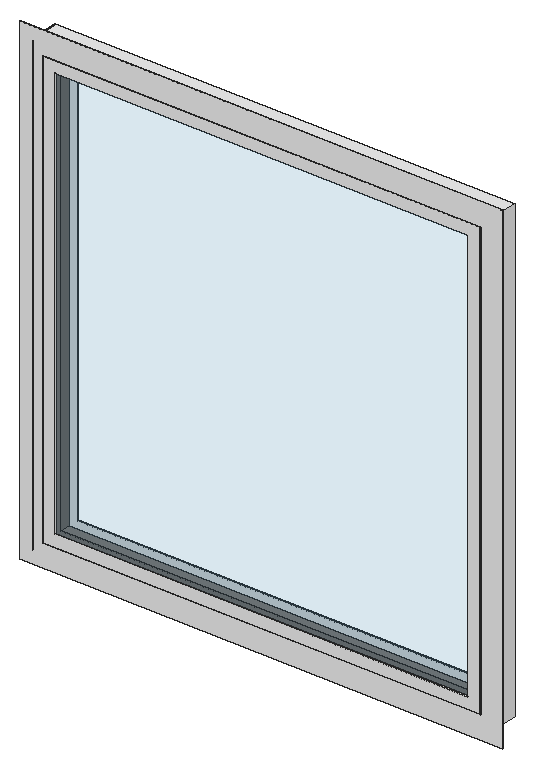
Revit family "Casement_36_D_Top_Hung_Standard", category Windows, host Wall, Revit 2014
Parameters (values of type "Casement_Sash_DG")
  Width Sash [instance] = 30 mm
  Width Sash Inner = 15 mm
  Width Bead = 15 mm
  Top Hung [instance] = yes
  Side Hung Right [instance] = yes
  Side Hung Left [instance] = yes
  Sash Opening Width [instance] = 600 mm
  Sash Opening Height [instance] = 600.312 mm
  Sash Lip = 15 mm
  Glazing Material [instance] = Glass
  DG Start Piece 2 [instance] = DG End Piece 1 + DG Gasket Thickness  # 25 mm
  DG Start Peice 1 [instance] = (Depth Sash - (2 * DG Glazing Thickness) - DG Gasket Thickness) / 2  # 6.6 mm
  Glazing Offset = 5 mm
  DG Glazing Thickness [instance] = 6.4 mm
  DG Gasket Thickness = 12 mm  # constant formula
  DG Gasket Material [instance] = Double Glazing Gasket Material
  DG End Piece 2 [instance] = DG Start Piece 2 + DG Glazing Thickness  # 31.4 mm
  DG End Piece 1 [instance] = DG Start Peice 1 + DG Glazing Thickness  # 13 mm
  Depth Sash [instance] = 38 mm
  Center Vertical Sash [instance] = Sash Opening Height / 2  # 300.156 mm
  Center Horizontal Sash [instance] = Sash Opening Width / 2  # 300 mm
  Bottom Hung [instance] = yes
  Bead Offset = 15 mm
  Aluminium Thickness = 1 mm
  Aluminium Material [instance] = White Powder Coated Aluminium
Reference planes
  plane 1 "Center (Front/Back)": y = 0
  plane 2: z = 0
  plane 3 "Center (Left/Right)": x = 0
Forms (mm)
  Sweep 1, solid, material "White Powder Coated Aluminium" <- "Aluminium Material"
    path origin (16.177, 0, 121.331) x (1, 0, 0) y (0, 0, 1)
      loop
        line (0, 0) -> (600, 0) -> (600, 600.312) -> (0, 600.312) -> (0, 0)
    profile origin (316.177, 0, 121.331) x (0, 0, 1) y (0, -1, 0)
      loop
        line (0, 0) -> (30, 0) -> (30, 1) -> (15, 1) -> (15, 38) -> (-15, 38) -> (-15, 37) -> (0, 37) -> (0, 0)
      loop
        line (14, 1) -> (14, 37) -> (1, 37) -> (1, 1) -> (14, 1)
  Sweep 2, solid, material "White Powder Coated Aluminium" <- "Aluminium Material"
    path origin (0, 0, 0) x (1, 0, 0) y (0, 0, 1)
      loop
        line (31.177, 706.643) -> (31.177, 136.331) -> (601.177, 136.331) -> (601.177, 706.643) -> (31.177, 706.643)
    profile origin (316.177, 0, 706.643) x (0, 0, 1) y (0, -1, 0)
      loop
        line (0, 37) -> (0, 38) -> (-15, 38) -> (-15, 37) -> (0, 37)
  Extrusion 3, solid, material "Glass" <- "Glazing Material"
    sketch origin (0, 0, 0) x (1, 0, 0) y (0, 0, 1)
      loop
        line (36.177, 701.643) -> (36.177, 141.331) -> (596.177, 141.331) -> (596.177, 701.643) -> (36.177, 701.643)
    from 6.6 <- "DG Start Peice 1" to 13 <- "DG End Piece 1"
  Extrusion 4, solid, material "Glass" <- "Glazing Material"
    sketch origin (0, 0, 0) x (1, 0, 0) y (0, 0, 1)
      loop
        line (36.177, 701.643) -> (36.177, 141.331) -> (596.177, 141.331) -> (596.177, 701.643) -> (36.177, 701.643)
    from 31.4 <- "DG End Piece 2" to 25 <- "DG Start Piece 2"
  Sweep 5, solid, material "Double Glazing Gasket Material" <- "DG Gasket Material"
    path origin (0, -13, 0) x (1, 0, 0) y (0, 0, 1)
      loop
        line (36.177, 701.643) -> (36.177, 141.331) -> (596.177, 141.331) -> (596.177, 701.643) -> (36.177, 701.643)
    profile origin (316.177, -13, 701.643) x (0, 0, 1) y (0, -1, 0)
      loop
        line (0, 0) -> (0, 12) -> (-7.96, 12) -> (-7.96, 0) -> (0, 0)
Lines and regions (mm)
  model lines
    curve 1: line (1.177, -38, 736.643) -> (31.177, -38, 706.643)
    curve 2: line (601.177, -38, 706.643) -> (631.177, -38, 736.643)
    curve 3: line (601.177, -38, 136.331) -> (631.177, -38, 106.331)
    curve 4: line (1.177, -38, 106.331) -> (31.177, -38, 136.331)
    curve 5: line (631.177, -37, 736.643) -> (616.177, -37, 721.643)
    curve 6: line (1.177, -37, 736.643) -> (16.177, -37, 721.643)
    curve 7: line (1.177, -37, 106.331) -> (16.177, -37, 121.331)
    curve 8: line (631.177, -37, 106.331) -> (616.177, -37, 121.331)
    curve 9: line (616.177, 0, 121.331) -> (586.177, 0, 151.331)
    curve 10: line (46.177, 0, 151.331) -> (16.177, 0, 121.331)
    curve 11: line (616.177, 0, 721.643) -> (586.177, 0, 691.643)
    curve 12: line (46.177, 0, 691.643) -> (16.177, 0, 721.643)
    curve 13: line (31.177, -38, 691.643) -> (46.177, -38, 691.643)
    curve 14: line (586.177, -38, 691.643) -> (601.177, -38, 691.643)
    curve 15: line (586.177, -38, 151.331) -> (601.177, -38, 151.331)
    curve 16: line (31.177, -38, 151.331) -> (46.177, -38, 151.331)
  model lines, style "GenericModelHiddenLines", visible <- "Top Hung"
    curve 17: line (46.386, -31.4, 690.914) -> (316.177, -31.4, 151.331)
    curve 18: line (316.177, -31.4, 151.331) -> (586.177, -31.4, 691.331)
  model lines, style "GenericModelHiddenLines", visible <- "Bottom Hung"
    curve 19: line (46.177, -31.4, 151.331) -> (316.177, -31.4, 691.331)
    curve 20: line (316.177, -31.4, 691.331) -> (586.177, -31.4, 151.331)
  model lines, style "GenericModelHiddenLines", visible <- "Side Hung Left"
    curve 21: line (46.386, -31.4, 690.914) -> (585.24, -31.4, 421.487)
    curve 22: line (585.24, -31.4, 421.487) -> (46.177, -31.4, 151.331)
  model lines, style "GenericModelHiddenLines", visible <- "Side Hung Right"
    curve 23: line (586.177, -31.4, 691.331) -> (46.177, -31.4, 421.487)
    curve 24: line (46.177, -31.4, 421.487) -> (586.177, -31.4, 151.331)
Dimensions and locks
  "Aluminium Thickness": Sweep 1 sketch curve to Sweep 1 sketch curve  (x4)
  "Depth Sash": Sweep 1 sketch curve to Sweep 1 sketch curve
  "Sash Opening Width": Sweep 1 to Sweep 1
  "Sash Opening Height": Sweep 1 to Sweep 1
  "Width Sash": Sweep 1 sketch curve to Sweep 1 sketch curve  (x2)
  "Width Sash Inner": Sweep 1 sketch curve to Sweep 1 sketch curve
  "Sash Lip": Sweep 1 sketch curve to Sweep 1 sketch curve
  "Aluminium Thickness": Sweep 1 to Sweep 2 sketch curve
  "Glazing Offset": Sweep 2 to Extrusion 3 sketch curve  (x3)
  "Glazing Offset": Extrusion 3 sketch curve to Sweep 2
  Sweep 1 to Sweep 1 = 1 mm
  "Aluminium Thickness": Sweep 2 sketch curve to Sweep 2 sketch curve
  "Width Bead": Sweep 2 sketch curve to Sweep 2 sketch curve
  locked: Sweep 5 sketch curve to Sweep 5 sketch curve at 7.96
  "Center Horizontal Sash": Sweep 1 to curve 18
  "Center Horizontal Sash": Sweep 1 to curve 20
  "Center Vertical Sash": Sweep 1 to curve 22
  "Center Vertical Sash": Sweep 1 to curve 24
  aligned and locked: level to plane 2
  aligned and locked: Sweep 1 sketch curve to Sweep 1 sketch curve  (x2)
  aligned and locked: Sweep 2 sketch curve to Sweep 1  (x5)
  aligned and locked: Extrusion 4 sketch curve to Extrusion 3  (x4)
  aligned and locked: Sweep 5 sketch curve to Extrusion 3  (x5)
  aligned and locked: Extrusion 3 to Sweep 5 sketch curve
Automatic sketch dimensions
  plane 3 "Center (Left/Right)" to Sweep 1 sketch curve = 16.177 mm
  level to Sweep 1 sketch curve = 121.331 mm
  plane 3 "Center (Left/Right)" to Sweep 1 sketch curve = 616.177 mm
  level to Sweep 1 sketch curve = 721.643 mm
  profile plane to Sweep 5 sketch curve = 12 mm
  curve 7 to Sweep 1 = 0 mm  (x4)
  curve 6 to Sweep 1 = 0 mm  (x3)
  Sweep 1 to curve 6 = 0 mm
  curve 5 to Sweep 1 = 0 mm  (x3)
  curve 8 to Sweep 1 = 0 mm  (x4)
  Sweep 1 to curve 5 = 0 mm
  curve 16 to Sweep 2 = 0 mm  (x3)
  curve 13 to Sweep 2 = 0 mm  (x3)
  curve 15 to Sweep 2 = 0 mm
  Sweep 2 to curve 15 = 0 mm  (x2)
  curve 14 to Sweep 2 = 0 mm  (x2)
  Sweep 2 to curve 14 = 0 mm
  curve 1 to Sweep 1 = 0 mm  (x4)
  curve 4 to Sweep 1 = 0 mm  (x3)
  Sweep 1 to curve 4 = 0 mm
  curve 3 to Sweep 1 = 0 mm  (x3)
  curve 2 to Sweep 1 = 0 mm  (x4)
  Sweep 1 to curve 3 = 0 mm
  curve 10 to Sweep 1 = 0 mm  (x4)
  curve 12 to Sweep 1 = 0 mm  (x3)
  Sweep 1 to curve 12 = 0 mm
  curve 9 to Sweep 1 = 0 mm  (x4)
  curve 11 to Sweep 1 = 0 mm  (x3)
  Sweep 1 to curve 11 = 0 mm
  Sweep 1 sketch curve to plane 1 "Center (Front/Back)" = 0 mm
  profile plane to Sweep 1 sketch curve = 0 mm
  curve 21 to Extrusion 4 = 10.208 mm
  curve 19 to Extrusion 4 = 10 mm
  curve 23 to Extrusion 4 = 10 mm  (x2)
  curve 22 to Extrusion 4 = 10.937 mm
  curve 20 to Extrusion 4 = 10 mm
  curve 24 to Extrusion 4 = 10 mm
  curve 22 to Extrusion 4 = 10 mm
  curve 18 to Extrusion 4 = 10 mm
  curve 21 to Extrusion 4 = 10.729 mm
  curve 19 to Extrusion 4 = 10.312 mm
  curve 18 to Extrusion 4 = 10.312 mm
Types in the file's own list only (12): name | Windload Design | Width Sash Opening | Width Sash | Width Profile | Width Panel 3 | Width Panel 1 | Width | URL | Offset Window Exterior | Max System DG Unit Thickness | Max System DG One Piece Thickness | Max Pane Area | Limit Fixed Pane Height Min | Limit Fixed Pane Height Max | Intruderprufe U Value | Intruderprufe SHGC Value | Intruderprufe LowE U Value | Intruderprufe LowE SHGC Value | Intruderprufe Insulated U Value | Intruderprufe Insulated SHGC Value | Intruderprufe Insulated LowE U Value | Intruderprufe Insulated LowE SHGC Value | Height | Energy Advantage U Value | Energy Advantage SHGC Value | DG Thickness Calc | Custom Window Width | Custom Window Height | Window Exterior Offset | Custom Windload | User Sash Width | Custom Sash Height | Sash Spacing Inner | Sash Overlap | Sash Center Offset | SG Gasket Thickness | Offset Sash Left | Offset Sash Top | Offset Panel 3 Bead Top | Offset Transom Top | Offset Bead SG Center Reversed | Model | Manufacturer | Limit Window Width Min | Limit Window Width Max | Limit Window Height Min | Limit Window Height Max | Limit Sash Width Min | Limit Sash Width Max | Limit Sash Height Min | Limit Sash Height Max | Length Transom | Height Sash Opening | Height Sash | Height Panel 3 | Height Panel 1 | Description | Frame Center Offset | Depth Bead | Default Sill Height | Wall Closure | DG Gasket Finish | DG Extrusion Start | Clearvue U Value | Clearvue SHGC Value | Clearvue Insulated U Value | Clearvue Insulated SHGC Value | Clearvue Insulated LowE U Value | Clearvue Insulated LowE SHGC Value | Casement Dimension | Bottom Hung | Bead SG Gap | Area Pane Top | Area Pane Bottom
  36-0609T-1000Pa | 1000 mm | 544 mm | 514 mm | 30 mm | 530 mm | 530 mm | 590 mm | "http://www.crealco.co.za/crealco-products.php" | 18 mm | 25 mm | 6 mm | 0.23 m² | 200 mm | 1800 mm | 6.14 | 0.492 | 4.97 | 0.436 | 4.42 | 0.415 | 4.03 | 0.383 | 890 mm | 5.09 | 0.462 | 4 mm | 590 mm | 890 mm | 0 mm | 1000 mm | 544 mm | 554 mm | 8 mm | 7 mm | 15 mm | 6 mm | 23 mm | 23 mm | 600 mm | 570 mm | 18 mm | "Casement 36" | "Crealco" | 346 mm | 1246 mm | 830 mm | 2430 mm | 300 mm | 1200 mm | 300 mm | 900 mm | 530 mm | 554 mm | 524 mm | 260 mm | 540 mm | "Window 36mm, Type D top hung" | 18 mm | 22 mm | 800 mm | By host | Double Glazing Gasket Material | 8 mm | 6.28 | 0.514 | 4.54 | 0.453 | 4.12 | 0.414 | 36 mm | No | 13 mm | 0.23 m² | 0.13 m²
  36-0909T-1000Pa | 1000 mm | 844 mm | 814 mm | 30 mm | 830 mm | 830 mm | 890 mm | "http://www.crealco.co.za/crealco-products.php" | 18 mm | 25 mm | 6 mm | 0.37 m² | 200 mm | 1800 mm | 6.09 | 0.536 | 4.8 | 0.474 | 4.19 | 0.452 | 3.76 | 0.416 | 890 mm | 4.91 | 0.503 | 4 mm | 890 mm | 890 mm | 0 mm | 1000 mm | 844 mm | 554 mm | 8 mm | 7 mm | 15 mm | 6 mm | 23 mm | 23 mm | 600 mm | 570 mm | 18 mm | "Casement 36" | "Crealco" | 346 mm | 1246 mm | 830 mm | 2430 mm | 300 mm | 1200 mm | 300 mm | 900 mm | 830 mm | 554 mm | 524 mm | 260 mm | 540 mm | "Window 36mm, Type D top hung" | 18 mm | 22 mm | 800 mm | By host | Double Glazing Gasket Material | 8 mm | 6.23 | 0.561 | 4.31 | 0.495 | 3.84 | 0.451 | 36 mm | No | 13 mm | 0.37 m² | 0.21 m²
  36-0612T-1000Pa | 1000 mm | 544 mm | 514 mm | 30 mm | 530 mm | 530 mm | 590 mm | "http://www.crealco.co.za/crealco-products.php" | 18 mm | 25 mm | 6 mm | 0.29 m² | 200 mm | 1800 mm | 6.08 | 0.538 | 4.77 | 0.476 | 4.16 | 0.455 | 3.72 | 0.418 | 1190 mm | 4.88 | 0.505 | 4 mm | 590 mm | 1190 mm | 0 mm | 1000 mm | 544 mm | 554 mm | 8 mm | 7 mm | 15 mm | 6 mm | 23 mm | 23 mm | 600 mm | 570 mm | 18 mm | "Casement 36" | "Crealco" | 346 mm | 1246 mm | 830 mm | 2430 mm | 300 mm | 1200 mm | 300 mm | 900 mm | 530 mm | 554 mm | 524 mm | 560 mm | 540 mm | "Window 36mm, Type D top hung" | 18 mm | 22 mm | 800 mm | By host | Double Glazing Gasket Material | 8 mm | 6.21 | 0.563 | 4.27 | 0.495 | 3.8 | 0.452 | 36 mm | No | 13 mm | 0.23 m² | 0.29 m²
  36-0912T-1000Pa | 1000 mm | 844 mm | 814 mm | 30 mm | 830 mm | 830 mm | 890 mm | "http://www.crealco.co.za/crealco-products.php" | 18 mm | 25 mm | 6 mm | 0.45 m² | 200 mm | 1800 mm | 6.03 | 0.582 | 4.59 | 0.513 | 3.93 | 0.493 | 3.44 | 0.451 | 1190 mm | 4.7 | 0.546 | 4 mm | 890 mm | 1190 mm | 0 mm | 1000 mm | 844 mm | 554 mm | 8 mm | 7 mm | 15 mm | 6 mm | 23 mm | 23 mm | 600 mm | 570 mm | 18 mm | "Casement 36" | "Crealco" | 346 mm | 1246 mm | 830 mm | 2430 mm | 300 mm | 1200 mm | 300 mm | 900 mm | 830 mm | 554 mm | 524 mm | 560 mm | 540 mm | "Window 36mm, Type D top hung" | 18 mm | 22 mm | 800 mm | By host | Double Glazing Gasket Material | 8 mm | 6.16 | 0.61 | 4.04 | 0.538 | 3.52 | 0.49 | 36 mm | No | 13 mm | 0.37 m² | 0.45 m²
  36-0609T-1500Pa | 1500 mm | 544 mm | 514 mm | 30 mm | 530 mm | 530 mm | 590 mm | "http://www.crealco.co.za/crealco-products.php" | 18 mm | 25 mm | 6 mm | 0.23 m² | 200 mm | 1800 mm | 6.14 | 0.492 | 4.97 | 0.436 | 4.42 | 0.415 | 4.03 | 0.383 | 890 mm | 5.09 | 0.462 | 4 mm | 590 mm | 890 mm | 0 mm | 1500 mm | 544 mm | 554 mm | 8 mm | 7 mm | 15 mm | 6 mm | 23 mm | 23 mm | 600 mm | 570 mm | 18 mm | "Casement 36" | "Crealco" | 346 mm | 1246 mm | 830 mm | 2430 mm | 300 mm | 1200 mm | 300 mm | 900 mm | 530 mm | 554 mm | 524 mm | 260 mm | 540 mm | "Window 36mm, Type D top hung" | 18 mm | 22 mm | 800 mm | By host | Double Glazing Gasket Material | 8 mm | 6.28 | 0.514 | 4.54 | 0.453 | 4.12 | 0.414 | 36 mm | No | 13 mm | 0.23 m² | 0.13 m²
  36-0609T-2000Pa | 2000 mm | 544 mm | 514 mm | 30 mm | 530 mm | 530 mm | 590 mm | "http://www.crealco.co.za/crealco-products.php" | 18 mm | 25 mm | 6 mm | 0.23 m² | 200 mm | 1800 mm | 6.14 | 0.492 | 4.97 | 0.436 | 4.42 | 0.415 | 4.03 | 0.383 | 890 mm | 5.09 | 0.462 | 4 mm | 590 mm | 890 mm | 0 mm | 2000 mm | 544 mm | 554 mm | 8 mm | 7 mm | 15 mm | 6 mm | 23 mm | 23 mm | 600 mm | 570 mm | 18 mm | "Casement 36" | "Crealco" | 346 mm | 1246 mm | 830 mm | 2430 mm | 300 mm | 1200 mm | 300 mm | 900 mm | 530 mm | 554 mm | 524 mm | 260 mm | 540 mm | "Window 36mm, Type D top hung" | 18 mm | 22 mm | 800 mm | By host | Double Glazing Gasket Material | 8 mm | 6.28 | 0.514 | 4.54 | 0.453 | 4.12 | 0.414 | 36 mm | No | 13 mm | 0.23 m² | 0.13 m²
  36-0909T-1500Pa | 1500 mm | 844 mm | 814 mm | 30 mm | 830 mm | 830 mm | 890 mm | "http://www.crealco.co.za/crealco-products.php" | 18 mm | 25 mm | 6 mm | 0.37 m² | 200 mm | 1800 mm | 6.09 | 0.536 | 4.8 | 0.474 | 4.19 | 0.452 | 3.76 | 0.416 | 890 mm | 4.91 | 0.503 | 4 mm | 890 mm | 890 mm | 0 mm | 1500 mm | 844 mm | 554 mm | 8 mm | 7 mm | 15 mm | 6 mm | 23 mm | 23 mm | 600 mm | 570 mm | 18 mm | "Casement 36" | "Crealco" | 346 mm | 1246 mm | 830 mm | 2430 mm | 300 mm | 1200 mm | 300 mm | 900 mm | 830 mm | 554 mm | 524 mm | 260 mm | 540 mm | "Window 36mm, Type D top hung" | 18 mm | 22 mm | 800 mm | By host | Double Glazing Gasket Material | 8 mm | 6.23 | 0.561 | 4.31 | 0.495 | 3.84 | 0.451 | 36 mm | No | 13 mm | 0.37 m² | 0.21 m²
  36-0909T-2000Pa | 2000 mm | 844 mm | 814 mm | 30 mm | 830 mm | 830 mm | 890 mm | "http://www.crealco.co.za/crealco-products.php" | 18 mm | 25 mm | 6 mm | 0.37 m² | 200 mm | 1800 mm | 6.09 | 0.536 | 4.8 | 0.474 | 4.19 | 0.452 | 3.76 | 0.416 | 890 mm | 4.91 | 0.503 | 4 mm | 890 mm | 890 mm | 0 mm | 2000 mm | 844 mm | 554 mm | 8 mm | 7 mm | 15 mm | 6 mm | 23 mm | 23 mm | 600 mm | 570 mm | 18 mm | "Casement 36" | "Crealco" | 346 mm | 1246 mm | 830 mm | 2430 mm | 300 mm | 1200 mm | 300 mm | 900 mm | 830 mm | 554 mm | 524 mm | 260 mm | 540 mm | "Window 36mm, Type D top hung" | 18 mm | 22 mm | 800 mm | By host | Double Glazing Gasket Material | 8 mm | 6.23 | 0.561 | 4.31 | 0.495 | 3.84 | 0.451 | 36 mm | No | 13 mm | 0.37 m² | 0.21 m²
  36-0612T-1500Pa | 1500 mm | 544 mm | 514 mm | 30 mm | 530 mm | 530 mm | 590 mm | "http://www.crealco.co.za/crealco-products.php" | 18 mm | 25 mm | 6 mm | 0.29 m² | 200 mm | 1800 mm | 6.08 | 0.538 | 4.77 | 0.476 | 4.16 | 0.455 | 3.72 | 0.418 | 1190 mm | 4.88 | 0.505 | 4 mm | 590 mm | 1190 mm | 0 mm | 1500 mm | 544 mm | 554 mm | 8 mm | 7 mm | 15 mm | 6 mm | 23 mm | 23 mm | 600 mm | 570 mm | 18 mm | "Casement 36" | "Crealco" | 346 mm | 1246 mm | 830 mm | 2430 mm | 300 mm | 1200 mm | 300 mm | 900 mm | 530 mm | 554 mm | 524 mm | 560 mm | 540 mm | "Window 36mm, Type D top hung" | 18 mm | 22 mm | 800 mm | By host | Double Glazing Gasket Material | 8 mm | 6.21 | 0.563 | 4.27 | 0.495 | 3.8 | 0.452 | 36 mm | No | 13 mm | 0.23 m² | 0.29 m²
  36-0612T-2000Pa | 2000 mm | 544 mm | 514 mm | 30 mm | 530 mm | 530 mm | 590 mm | "http://www.crealco.co.za/crealco-products.php" | 18 mm | 25 mm | 6 mm | 0.29 m² | 200 mm | 1800 mm | 6.08 | 0.538 | 4.77 | 0.476 | 4.16 | 0.455 | 3.72 | 0.418 | 1190 mm | 4.88 | 0.505 | 4 mm | 590 mm | 1190 mm | 0 mm | 2000 mm | 544 mm | 554 mm | 8 mm | 7 mm | 15 mm | 6 mm | 23 mm | 23 mm | 600 mm | 570 mm | 18 mm | "Casement 36" | "Crealco" | 346 mm | 1246 mm | 830 mm | 2430 mm | 300 mm | 1200 mm | 300 mm | 900 mm | 530 mm | 554 mm | 524 mm | 560 mm | 540 mm | "Window 36mm, Type D top hung" | 18 mm | 22 mm | 800 mm | By host | Double Glazing Gasket Material | 8 mm | 6.21 | 0.563 | 4.27 | 0.495 | 3.8 | 0.452 | 36 mm | No | 13 mm | 0.23 m² | 0.29 m²
  36-0912T-1500Pa | 1500 mm | 844 mm | 814 mm | 30 mm | 830 mm | 830 mm | 890 mm |  | 18 mm | 25 mm | 6 mm | 0.45 m² | 200 mm | 1800 mm | 6.03 | 0.582 | 4.59 | 0.513 | 3.93 | 0.493 | 3.44 | 0.451 | 1190 mm | 4.7 | 0.546 | 4 mm | 890 mm | 1190 mm | 0 mm | 1500 mm | 844 mm | 554 mm | 8 mm | 7 mm | 15 mm | 6 mm | 23 mm | 23 mm | 600 mm | 570 mm | 18 mm | "Casement 36" | "Crealco" | 346 mm | 1246 mm | 830 mm | 2430 mm | 300 mm | 1200 mm | 300 mm | 900 mm | 830 mm | 554 mm | 524 mm | 560 mm | 540 mm | "Window 36mm, Type D top hung" | 18 mm | 22 mm | 800 mm | By host | Double Glazing Gasket Material | 8 mm | 6.16 | 0.61 | 4.04 | 0.538 | 3.52 | 0.49 | 36 mm | No | 13 mm | 0.37 m² | 0.45 m²
  36-0912T-2000Pa | 2000 mm | 844 mm | 814 mm | 30 mm | 830 mm | 830 mm | 890 mm | "http://www.crealco.co.za/crealco-products.php" | 18 mm | 25 mm | 6 mm | 0.45 m² | 200 mm | 1800 mm | 6.03 | 0.582 | 4.59 | 0.513 | 3.93 | 0.493 | 3.44 | 0.451 | 1190 mm | 4.7 | 0.546 | 4 mm | 890 mm | 1190 mm | 0 mm | 2000 mm | 844 mm | 554 mm | 8 mm | 7 mm | 15 mm | 6 mm | 23 mm | 23 mm | 600 mm | 570 mm | 18 mm | "Casement 36" | "Crealco" | 346 mm | 1246 mm | 830 mm | 2430 mm | 300 mm | 1200 mm | 300 mm | 900 mm | 830 mm | 554 mm | 524 mm | 560 mm | 540 mm | "Window 36mm, Type D top hung" | 18 mm | 22 mm | 800 mm | By host | Double Glazing Gasket Material | 8 mm | 6.16 | 0.61 | 4.04 | 0.538 | 3.52 | 0.49 | 36 mm | No | 13 mm | 0.37 m² | 0.45 m²
